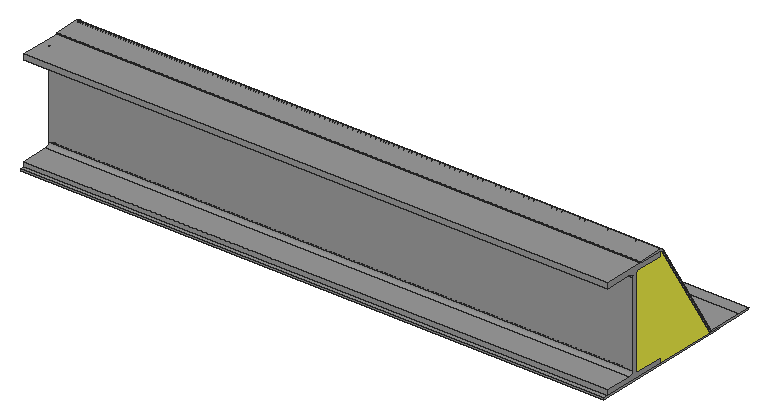
Revit family "XK 130 WIL", category Generic Models, Revit 2014
Parameters (values of type "Max lintel length 6600mm")
  URL = "http://www.keystonelintels.co.uk"
  Structural Opening [instance] = 900 mm
  Structural Performance = "The Keystone lintel range has safe working loads as detailed in each applicable loading table in the Keystone Lintel Guide brochure. The structural performance figures within each table have been ascertained by testing in accordance with the requirements of standards BS EN 5977-2: 1983 and BS EN 845-2: 2003."
  RIBA Productor Selector = "available for Keystone Lintels Ltd from Keystone Lintels Ltd from ribaproductselector.com"
  Model = "X/K 130 WIL"
  Min Length = 600 mm
  Min Clear Span = 300 mm
  Max Length = 6600 mm
  Max Clear Span = 6600 mm
  Material - Stainless Steel = "Grade 304 2b 1.4307 to BS EN 10088-2. Other grades available on request: contact manufacturer."
  Material - Galvanised Steel = "To BS EN 10346: 2009. DX51D plus Z600 or grade Z275 to BS 5977-2: 1983 (BS EN 845-2: 2003)."
  Manufacturer = "Keystone"
  Manufactured Length [instance] = (roundup(Effective Length / 150 mm) * 150 mm)  # 1200 mm
  Lintel height [instance] = 2100 mm
  Keynote = "F30/755"
  Fire Performance = "Keystone lintels have been subjected to a fire test (WARRES No. 101263) in accordance with BS 476-20: 1987, at Exova Warrington Fire and achieved a one hour fire performance."
  End Bearing = 150 mm
  Effective Length [instance] = Clear Opening with MIN MAX set + End Bearing * 2  # 1200 mm
  Corrosion = "Keystone’s standard range of lintels are manufactured from high quality grade pre-galvanized carbon steel with a zinc coating of 600"
  Contact Tel = "+44 (0)28 8676 2184"
  Contact Email = "info@keystonelintels.co.uk"
  Clear Opening with MIN MAX set [instance] = if(Structural Opening < Min Clear Span, Min Clear Span, (if(Structural Opening > Max Clear Span, Max Clear Span, Structural Opening)))  # 900 mm
  CPD Information = "Available for Keystone Lintels Ltd from ribacpd.com"
Reference planes
  plane 1 "Center (Front/Back)": y = 0
  plane 2: z = 0
  plane 3 "Center (Left/Right)": x = 0
  plane 4: x = -600
  plane 5: x = 600
  plane 6: z = 2100
  plane 7: x = -450
  plane 8: x = 450
Forms (mm)
  Extrusion 1, solid, material "Steel"
    sketch origin (0, 693.357, -506.841) x (0, 1, 0) y (0, 0, 1)
      loop
        line (-531.8, 2605.979) -> (-531.745, 2609.179) -> (-556.73, 2610.041) -> (-627.395, 2610.041)
        arc (-627.395, 2610.041) -> (-628.278, 2610.273) -> (-628.934, 2610.908) r 1.8
        line (-628.934, 2610.908) -> (-752.307, 2814.338)
        arc (-752.307, 2814.338) -> (-754.202, 2816.172) -> (-756.753, 2816.841) r 5.2
        line (-756.753, 2816.841) -> (-808.327, 2816.841) -> (-808.327, 2813.641) -> (-756.753, 2813.641)
        arc (-756.753, 2813.641) -> (-755.772, 2813.384) -> (-755.043, 2812.678) r 2
        line (-755.043, 2812.678) -> (-631.67, 2609.248)
        arc (-631.67, 2609.248) -> (-629.848, 2607.484) -> (-627.395, 2606.841) r 5
        line (-627.395, 2606.841) -> (-556.785, 2606.841) -> (-531.8, 2605.979)
    from -600 to 600
  Extrusion 2, solid, material "Steel"
    sketch origin (0, 693.357, -506.841) x (0, 1, 0) y (0, 0, 1)
      loop
        line (-892.227, 2606.841) -> (-758.327, 2606.841) -> (-758.327, 2616.441) -> (-814.477, 2616.441)
        arc (-814.477, 2616.441) -> (-819.851, 2618.667) -> (-822.077, 2624.041) r 7.6
        line (-822.077, 2624.041) -> (-822.077, 2796.441)
        arc (-822.077, 2796.441) -> (-819.851, 2801.815) -> (-814.477, 2804.041) r 7.6
        line (-814.477, 2804.041) -> (-758.327, 2804.041) -> (-758.327, 2813.641) -> (-892.227, 2813.641) -> (-892.227, 2804.041) -> (-836.077, 2804.041)
        arc (-836.077, 2804.041) -> (-830.703, 2801.815) -> (-828.477, 2796.441) r 7.6
        line (-828.477, 2796.441) -> (-828.477, 2624.041)
        arc (-828.477, 2624.041) -> (-830.703, 2618.667) -> (-836.077, 2616.441) r 7.6
        line (-836.077, 2616.441) -> (-892.227, 2616.441) -> (-892.227, 2606.841)
    from -600 to 600
  Extrusion 3, solid, material "Steel"
    sketch origin (0, 693.357, -506.841) x (0, 1, 0) y (0, 0, 1)
      loop
        line (-902.227, 2603.641) -> (-607.227, 2603.641) -> (-607.227, 2606.841) -> (-902.227, 2606.841) -> (-902.227, 2603.641)
    from -600 to 600
  Extrusion 4, solid, material "Insulation"
    sketch origin (0, 693.357, -506.841) x (0, 1, 0) y (0, 0, 1)
      loop
        arc (-627.395, 2606.841) -> (-629.848, 2607.484) -> (-631.67, 2609.248) r 5
        line (-631.67, 2609.248) -> (-755.043, 2812.678)
        arc (-755.043, 2812.678) -> (-755.772, 2813.384) -> (-756.753, 2813.641) r 2
        line (-756.753, 2813.641) -> (-758.327, 2813.641) -> (-758.327, 2804.041) -> (-814.477, 2804.041)
        arc (-814.477, 2804.041) -> (-819.851, 2801.815) -> (-822.077, 2796.441) r 7.6
        line (-822.077, 2796.441) -> (-822.077, 2624.041)
        arc (-822.077, 2624.041) -> (-819.851, 2618.667) -> (-814.477, 2616.441) r 7.6
        line (-814.477, 2616.441) -> (-758.327, 2616.441) -> (-758.327, 2606.841) -> (-627.395, 2606.841)
    from -600 to 600
  Extrusion 5, solid, not visible
    sketch origin (0, 1072.099, 1359.542) x (0, 1, 0) y (0, 0, 1)
      loop
        line (-531.8, 1005.979) -> (-531.745, 1009.179) -> (-556.73, 1010.041) -> (-627.395, 1010.041)
        arc (-627.395, 1010.041) -> (-628.278, 1010.273) -> (-628.934, 1010.908) r 1.8
        line (-628.934, 1010.908) -> (-752.307, 1214.338)
        arc (-752.307, 1214.338) -> (-754.202, 1216.172) -> (-756.753, 1216.841) r 5.2
        line (-756.753, 1216.841) -> (-808.327, 1216.841) -> (-808.327, 1213.641) -> (-756.753, 1213.641)
        arc (-756.753, 1213.641) -> (-755.772, 1213.384) -> (-755.043, 1212.678) r 2
        line (-755.043, 1212.678) -> (-631.67, 1009.248)
        arc (-631.67, 1009.248) -> (-629.848, 1007.484) -> (-627.395, 1006.841) r 5
        line (-627.395, 1006.841) -> (-556.785, 1006.841) -> (-531.8, 1005.979)
    from 0 to 250
  Extrusion 6, solid, not visible
    sketch origin (0, 551.199, 1322.025) x (0, 1, 0) y (0, 0, 1)
      loop
        line (-892.227, 1006.841) -> (-758.327, 1006.841) -> (-758.327, 1016.441) -> (-814.477, 1016.441)
        arc (-814.477, 1016.441) -> (-819.851, 1018.667) -> (-822.077, 1024.041) r 7.6
        line (-822.077, 1024.041) -> (-822.077, 1196.441)
        arc (-822.077, 1196.441) -> (-819.851, 1201.815) -> (-814.477, 1204.041) r 7.6
        line (-814.477, 1204.041) -> (-758.327, 1204.041) -> (-758.327, 1213.641) -> (-892.227, 1213.641) -> (-892.227, 1204.041) -> (-836.077, 1204.041)
        arc (-836.077, 1204.041) -> (-830.703, 1201.815) -> (-828.477, 1196.441) r 7.6
        line (-828.477, 1196.441) -> (-828.477, 1024.041)
        arc (-828.477, 1024.041) -> (-830.703, 1018.667) -> (-836.077, 1016.441) r 7.6
        line (-836.077, 1016.441) -> (-892.227, 1016.441) -> (-892.227, 1006.841)
    from 0 to 250
  Extrusion 7, solid, not visible
    sketch origin (0, 1074.796, 952.936) x (0, 1, 0) y (0, 0, 1)
      loop
        line (-902.227, 1003.641) -> (-607.227, 1003.641) -> (-607.227, 1006.841) -> (-902.227, 1006.841) -> (-902.227, 1003.641)
    from 0 to 250
  Extrusion 8, solid, not visible
    sketch origin (0, 466.598, 832.393) x (0, 1, 0) y (0, 0, 1)
      loop
        arc (-627.395, 1006.841) -> (-629.848, 1007.484) -> (-631.67, 1009.248) r 5
        line (-631.67, 1009.248) -> (-755.043, 1212.678)
        arc (-755.043, 1212.678) -> (-755.772, 1213.384) -> (-756.753, 1213.641) r 2
        line (-756.753, 1213.641) -> (-758.327, 1213.641) -> (-758.327, 1204.041) -> (-814.477, 1204.041)
        arc (-814.477, 1204.041) -> (-819.851, 1201.815) -> (-822.077, 1196.441) r 7.6
        line (-822.077, 1196.441) -> (-822.077, 1024.041)
        arc (-822.077, 1024.041) -> (-819.851, 1018.667) -> (-814.477, 1016.441) r 7.6
        line (-814.477, 1016.441) -> (-758.327, 1016.441) -> (-758.327, 1006.841) -> (-627.395, 1006.841)
    from 0 to 250
Dimensions and locks
  equal spacing: plane 4, plane 3 "Center (Left/Right)", plane 5
  "Manufactured Length": plane 4 to plane 5
  "Lintel height": plane 6 to level
  "Structural Opening": plane 7 to plane 8
  equal spacing: plane 7, plane 3 "Center (Left/Right)", plane 8
  aligned and locked: level to plane 2
  aligned and locked: Extrusion 1 to plane 6
  aligned and locked: Extrusion 4 to plane 6
  aligned and locked: Extrusion 2 to plane 6
  aligned and locked: plane 6 to Extrusion 3
  aligned and locked: plane 5 to Extrusion 2
  aligned and locked: Extrusion 2 to plane 4
  aligned and locked: plane 5 to Extrusion 3
  aligned and locked: Extrusion 3 to plane 4
  aligned and locked: plane 5 to Extrusion 1
  aligned and locked: Extrusion 1 to plane 4
  aligned and locked: plane 5 to Extrusion 4
  aligned and locked: Extrusion 4 to plane 4
Automatic sketch dimensions
  Extrusion 1 sketch curve to Extrusion 1 sketch curve = 24.985 mm
  Extrusion 1 sketch curve to Extrusion 1 sketch curve = 0.055 mm  (x2)
  Extrusion 1 sketch curve to Extrusion 1 sketch curve = 0.862 mm
  Extrusion 1 sketch curve to Extrusion 1 sketch curve = 3.2 mm  (x2)
  Extrusion 1 sketch curve to Extrusion 1 sketch curve = 70.609 mm
  Extrusion 1 sketch curve to Extrusion 1 sketch curve = 1.8 mm
  Extrusion 1 sketch curve to Extrusion 1 sketch curve = 4.275 mm
  Extrusion 1 sketch curve to Extrusion 1 sketch curve = 1.539 mm
  Extrusion 1 sketch curve to Extrusion 1 sketch curve = 123.374 mm
  Extrusion 1 sketch curve to Extrusion 1 sketch curve = 203.43 mm
  Extrusion 1 sketch curve to Extrusion 1 sketch curve = 2.736 mm
  Extrusion 1 sketch curve to Extrusion 1 sketch curve = 1.659 mm
  Extrusion 1 sketch curve to Extrusion 1 sketch curve = 1.71 mm
  Extrusion 1 sketch curve to Extrusion 1 sketch curve = 1.037 mm
  Extrusion 1 sketch curve to Extrusion 1 sketch curve = 51.574 mm
  Extrusion 2 sketch curve to Extrusion 2 sketch curve = 133.9 mm
  Extrusion 2 sketch curve to Extrusion 2 sketch curve = 9.6 mm  (x3)
  Extrusion 2 sketch curve to Extrusion 2 sketch curve = 56.15 mm  (x3)
  Extrusion 2 sketch curve to Extrusion 2 sketch curve = 7.6 mm  (x4)
  Extrusion 2 sketch curve to Extrusion 2 sketch curve = 14 mm
  Extrusion 2 sketch curve to Extrusion 2 sketch curve = 172.4 mm
  Extrusion 2 sketch curve to Extrusion 2 sketch curve = 0 mm
  Extrusion 3 sketch curve to Extrusion 3 sketch curve = 295 mm
  Extrusion 3 sketch curve to Extrusion 3 sketch curve = 3.2 mm
  Extrusion 4 sketch curve to Extrusion 4 sketch curve = 130.933 mm
  Extrusion 4 sketch curve to Extrusion 4 sketch curve = 56.15 mm
  Extrusion 4 sketch curve to Extrusion 4 sketch curve = 7.6 mm  (x3)
  Extrusion 4 sketch curve to Extrusion 4 sketch curve = 172.4 mm
  Extrusion 4 sketch curve to Extrusion 4 sketch curve = 0 mm
  Extrusion 4 sketch curve to Extrusion 4 sketch curve = 5 mm
  Extrusion 4 sketch curve to Extrusion 4 sketch curve = 4.275 mm
  Extrusion 4 sketch curve to Extrusion 4 sketch curve = 1.71 mm
  Extrusion 4 sketch curve to Extrusion 4 sketch curve = 1.037 mm
  Extrusion 4 sketch curve to Extrusion 4 sketch curve = 63.75 mm
  Extrusion 4 sketch curve to Extrusion 4 sketch curve = 1.574 mm
  Extrusion 4 sketch curve to Extrusion 4 sketch curve = 9.6 mm
  Extrusion 4 sketch curve to Extrusion 4 sketch curve = 2.407 mm
  Extrusion 1 sketch curve to Extrusion 1 sketch curve = 0 mm  (x8)
  Extrusion 5 sketch curve to Extrusion 5 sketch curve = 24.985 mm
  Extrusion 5 sketch curve to Extrusion 5 sketch curve = 0.055 mm  (x2)
  Extrusion 5 sketch curve to Extrusion 5 sketch curve = 0.862 mm
  Extrusion 5 sketch curve to Extrusion 5 sketch curve = 3.2 mm  (x2)
  Extrusion 5 sketch curve to Extrusion 5 sketch curve = 70.609 mm
  Extrusion 5 sketch curve to Extrusion 5 sketch curve = 1.8 mm
  Extrusion 5 sketch curve to Extrusion 5 sketch curve = 4.275 mm
  Extrusion 5 sketch curve to Extrusion 5 sketch curve = 1.539 mm
  Extrusion 5 sketch curve to Extrusion 5 sketch curve = 123.374 mm
  Extrusion 5 sketch curve to Extrusion 5 sketch curve = 203.43 mm
  Extrusion 5 sketch curve to Extrusion 5 sketch curve = 2.736 mm
  Extrusion 5 sketch curve to Extrusion 5 sketch curve = 1.659 mm
  Extrusion 5 sketch curve to Extrusion 5 sketch curve = 1.71 mm
  Extrusion 5 sketch curve to Extrusion 5 sketch curve = 1.037 mm
  Extrusion 5 sketch curve to Extrusion 5 sketch curve = 51.574 mm
  Extrusion 5 sketch curve to Extrusion 5 sketch curve = 0 mm  (x8)
  Extrusion 6 sketch curve to Extrusion 6 sketch curve = 133.9 mm
  Extrusion 6 sketch curve to Extrusion 6 sketch curve = 9.6 mm  (x3)
  Extrusion 6 sketch curve to Extrusion 6 sketch curve = 56.15 mm  (x3)
  Extrusion 6 sketch curve to Extrusion 6 sketch curve = 7.6 mm  (x4)
  Extrusion 6 sketch curve to Extrusion 6 sketch curve = 14 mm
  Extrusion 6 sketch curve to Extrusion 6 sketch curve = 172.4 mm
  Extrusion 6 sketch curve to Extrusion 6 sketch curve = 0 mm
  Extrusion 7 sketch curve to Extrusion 7 sketch curve = 295 mm
  Extrusion 7 sketch curve to Extrusion 7 sketch curve = 3.2 mm
  Extrusion 8 sketch curve to Extrusion 8 sketch curve = 130.933 mm
  Extrusion 8 sketch curve to Extrusion 8 sketch curve = 56.15 mm
  Extrusion 8 sketch curve to Extrusion 8 sketch curve = 7.6 mm  (x3)
  Extrusion 8 sketch curve to Extrusion 8 sketch curve = 172.4 mm
  Extrusion 8 sketch curve to Extrusion 8 sketch curve = 0 mm
  Extrusion 8 sketch curve to Extrusion 8 sketch curve = 5 mm
  Extrusion 8 sketch curve to Extrusion 8 sketch curve = 4.275 mm
  Extrusion 8 sketch curve to Extrusion 8 sketch curve = 1.71 mm
  Extrusion 8 sketch curve to Extrusion 8 sketch curve = 1.037 mm
  Extrusion 8 sketch curve to Extrusion 8 sketch curve = 63.75 mm
  Extrusion 8 sketch curve to Extrusion 8 sketch curve = 1.574 mm
  Extrusion 8 sketch curve to Extrusion 8 sketch curve = 9.6 mm
  Extrusion 8 sketch curve to Extrusion 8 sketch curve = 2.407 mm
  Extrusion 4 sketch curve to plane 6 = 0 mm
  plane 1 "Center (Front/Back)" to Extrusion 4 sketch curve = 128.721 mm
  Extrusion 1 sketch curve to plane 6 = 0 mm
  plane 1 "Center (Front/Back)" to Extrusion 1 sketch curve = 114.971 mm
  Extrusion 2 sketch curve to plane 6 = 0 mm
  plane 1 "Center (Front/Back)" to Extrusion 2 sketch curve = 198.871 mm
  Extrusion 3 sketch curve to plane 6 = 0 mm
  plane 1 "Center (Front/Back)" to Extrusion 3 sketch curve = 208.871 mm
